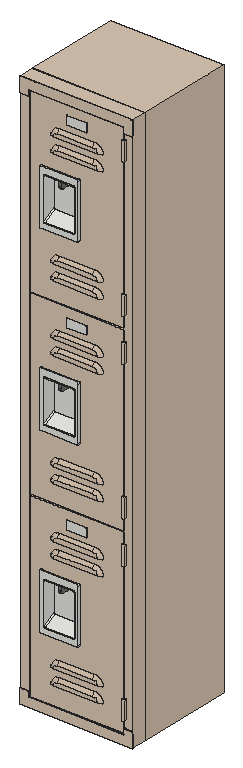
Revit family "Locker_SalsburyInd_Metal-3-Tier-Single", category Specialty Equipment, Revit 2026
Family settings
  Round Connector Dimension = Use Diameter
  Part Type = Normal
  Classification Number = 23.40.00.00
  Work Plane-Based = No
  Enable Cutting in Views = No
  Always vertical = Yes
  Cut with Voids When Loaded = No
  Maintain Annotation Orientation = No
  Shared = No
  Room Calculation Point = No
Parameters
  Warranty Duration (Years) = 0
  Vertical Front Filler Width_Right [instance] = 15.000"
  Vertical Front Filler Width_Left [instance] = 15.000"
  Vertical Filler_Right [instance] = ML_Front Filler : None
  Vertical Filler_Left [instance] = ML_Front Filler : None
  Unit Width = 12.000"
  Unit Height = 60.000"
  Unit Depth = 12.000"
  URL = "www.lockers.com"
  Type Comments = "Specify Assembled or Disassembled"
  Specification = ""
  SpecWizard = ""
  Sales Information = "http://www.lockers.com/service/contact/"
  Revision = "R1_2017-09"
  Product Properties = "http://www.lockers.com/shop-by-department/metal-lockers/standard-12-w/"
  Product Data = "http://www.arcat.com/arcatcos/cos35/arc35330.html"
  Overall Height [instance] = Unit Height + Base Height + Sloping Hood Height  # 60.000"
  Manufacturer Website = "http://www.lockers.com/"
  Manufacturer Phone - Toll Free = "800-562-5377"
  Manufacturer Phone = "323-846-6700"
  Manufacturer Fax = "323-846-6800"
  Manufacturer Address = "1010 E. 62nd St.  Los Angeles, CA 90001-1598"
  Maintenance Schedule (Months) = 0
  Lock Type [instance] = "[Built-in Combination][Padlock][Built-in Resettable Combination]"
  Keynote = "10 50 00"
  Installation Phase = ""
  Hasp Plate Material [instance] = Finish - Salsbury - Polished Steel
  Hasp Handle Material [instance] = Finish - Salsbury - Black
  Green Building-LEED = ""
  Expected Lifespan (Years) = 0
  End Panel_Right [instance] = ML_End Panel : None
  End Panel_Left [instance] = ML_End Panel : None
  Drawn By = "Sumex Design, Inc. / Robert S. Weygant, CSI, CDT, SCIP"
  Door Width = Unit Width - (1.063" * 2)  # 9.874"
  Door Height = Unit Height - (1.094" * 2)  # 57.812"
  Top Filler_Right [instance] = ML_Top Filler : None
  Top Filler_Left [instance] = ML_Top Filler : None
  Sloping Hood Height [instance] = if(not(Sloped Hood), 0.000", if(Unit Depth = 12.000", 6.625", if(Unit Depth = 15.000", 8.682", if(Unit Depth = 18.000", 10.739", 0.000"))))  # 0.000"
  Sloped Hood [instance] = no
  Model = "as Specified"
  Manufacturer = "Salsbury Industries"
  Fixture Finish [instance] = Finish - Salsbury - Tan
  Door C Label [instance] = "Number / Name as Specified"
  Door B Label [instance] = "Number / Name as Specified"
  Door A Label [instance] = "Number / Name as Specified"
  Description = "Salsbury Locker as Specified"
  Default Elevation = 0.000"
  Copyright = "©Arcat Inc."
  Construction Details = "http://www.arcat.com/details/salsbury/salsbury.html?coid=35330"
  Base_Right [instance] = ML_Base Side : None
  Base_Left [instance] = ML_Base Side : None
  Base Type = ML_Base Type : No Legs
  Base Height = 0.000"
  Base Front [instance] = ML_Front Base : None
  Assembly Code = "C1030310"
Reference planes (in)
  plane 1 "Center (Front/Back)": y = 0.005
  plane 2: z = 0
  plane 3 "Center (Left/Right)": x = 0
  plane 4 "Floor": z = 0
  plane 5 "Bottom of Unit": z = 0
  plane 6 "Top of Unit": z = 60
  plane 7 "Left Side of Unit": x = -6
  plane 8 "Right Side of Unit": x = 6
  plane 9 "Back of Unit": y = 6.005
  plane 10 "Front of Unit": y = -5.995
  plane 11 "Top of Sloping Hood": z = 60
  plane 12 "Right Side of Door Opening": x = 5
  plane 13 "Left Side of Door Opening": x = -5
  plane 14 "Top of Door Opening": z = 59
  plane 15 "Bottom of Door Opening": z = 1
  plane 16 "Back Edge of Front Facing": y = -4.407
  plane 17 "Front Plate Plane": y = -6.055
  plane 18 "Corner Filler Align-Left": x = -6.06
  plane 19 "Corner Filler Align-Right": x = 6.06
  plane 20 "Left Side of Door": x = -4.93029
  plane 21 "Right Side of Door": x = 4.93026
  plane 22 "Top of Door 1": z = 58.90976
  plane 23 "Bottom of Bottom Door": z = 1.09027
  plane 24: x = -5.075
  plane 25: x = 5.075
  plane 26: z = 58.40796
  plane 27: z = 1.59204
  plane 28: z = 30
Forms (in)
  Sweep 1, solid, material "Finish - Salsbury - Tan" <- "Fixture Finish"
    path origin (0, -5.995, 0) x (1, 0, 0) y (0, 0, 1)
      loop
        line (-6, 60) -> (-6, 0) -> (6, 0) -> (6, 60) -> (-6, 60)
    profile origin (0, -5.995, 60) x (0, 0, 1) y (0, -1, 0)
      loop
        line (0, 0) -> (-1, 0) -> (-1, -1.588) -> (0, -1.588) -> (0, 0)
  Extrusion 2, solid, material "Finish - Salsbury - Tan" <- "Fixture Finish"
    sketch origin (0, -6.055, 0) x (0, 0, -1) y (1, 0, 0)
      loop
        line (-60, -6) -> (-58.47656, -6)
        arc (-58.47656, -6) -> (-58.42806, -5.97991) -> (-58.40796, -5.9314) r 0.0686
        line (-58.40796, -5.9314) -> (-58.40796, -5.14351)
        arc (-58.40796, -5.14351) -> (-58.42809, -5.09506) -> (-58.47656, -5.075) r 0.0686
        line (-58.47656, -5.075) -> (-59, -5.075) -> (-59, 5.075) -> (-58.47656, 5.075)
        arc (-58.47656, 5.075) -> (-58.42809, 5.09506) -> (-58.40796, 5.14351) r 0.0686
        line (-58.40796, 5.14351) -> (-58.40796, 5.9314)
        arc (-58.40796, 5.9314) -> (-58.42806, 5.97991) -> (-58.47656, 6) r 0.0686
        line (-58.47656, 6) -> (-60, 6) -> (-60, -6)
    from -0.06 to 0
  Extrusion 3, solid, material "Finish - Salsbury - Tan" <- "Fixture Finish"
    sketch origin (0, -6.055, 84) x (0, 0, 1) y (-1, 0, 0)
      loop
        line (-84, 6) -> (-84, -6) -> (-82.47656, -6)
        arc (-82.47656, -6) -> (-82.42806, -5.97991) -> (-82.40796, -5.9314) r 0.0686
        line (-82.40796, -5.9314) -> (-82.40796, -5.14351)
        arc (-82.40796, -5.14351) -> (-82.42809, -5.09506) -> (-82.47656, -5.075) r 0.0686
        line (-82.47656, -5.075) -> (-83, -5.075) -> (-83, 5.075) -> (-82.47656, 5.075)
        arc (-82.47656, 5.075) -> (-82.42809, 5.09506) -> (-82.40796, 5.14351) r 0.0686
        line (-82.40796, 5.14351) -> (-82.40796, 5.9314)
        arc (-82.40796, 5.9314) -> (-82.42806, 5.97991) -> (-82.47656, 6) r 0.0686
        line (-82.47656, 6) -> (-84, 6)
    from -0.06 to 0
  Extrusion 4, solid, material "Finish - Salsbury - Tan" <- "Fixture Finish"
    sketch origin (6, 0, 0) x (0, 0, -1) y (0, -1, 0)
      loop
        line (-59.94, 4.407) -> (-59.94, 6.055) -> (-60, 6.055) -> (-60, -6.005) -> (0, -6.005) -> (0, 4.407) -> (-59.94, 4.407)
    from 0 to 12
  Extrusion 5, void
    sketch origin (6, 0, 0) x (0, 0, -1) y (0, -1, 0)
      loop
        line (-60, 6.055) -> (-60, 4.407) -> (-59.94, 4.407) -> (-59.94, 6.055) -> (-60, 6.055)
    from 0 to 12
Cuts and joins
  Extrusion 5 cuts Extrusion 4
Dimensions and locks (in)
  equal spacing: plane 7 "Left Side of Unit", plane 3 "Center (Left/Right)", plane 8 "Right Side of Unit"
  "Unit Width": plane 7 "Left Side of Unit" to plane 8 "Right Side of Unit"
  "Base Height": plane 5 "Bottom of Unit" to plane 4 "Floor"
  "Unit Height": plane 6 "Top of Unit" to plane 5 "Bottom of Unit"
  equal spacing: plane 10 "Front of Unit", plane 1 "Center (Front/Back)", plane 9 "Back of Unit"
  "Unit Depth": plane 10 "Front of Unit" to plane 9 "Back of Unit"
  "Sloping Hood Height": plane 11 "Top of Sloping Hood" to plane 6 "Top of Unit"
  plane 6 "Top of Unit" to plane 14 "Top of Door Opening" to plane 22 "Top of Door 1" to plane 26 = 1.000" locked, 0.09024" locked, 0.5018" locked
  plane 27 to plane 23 "Bottom of Bottom Door" to plane 15 "Bottom of Door Opening" to plane 5 "Bottom of Unit" = 0.50177" locked, 0.09027" locked, 1.000" locked
  plane 7 "Left Side of Unit" to plane 13 "Left Side of Door Opening" to plane 20 "Left Side of Door" = 1.000" locked, 0.06971"
  plane 21 "Right Side of Door" to plane 12 "Right Side of Door Opening" to plane 8 "Right Side of Unit" = 0.06974", 1.000" locked
  plane 17 "Front Plate Plane" to plane 10 "Front of Unit" to plane 16 "Back Edge of Front Facing" = 0.060" locked, 1.588" locked
  locked: plane 8 "Right Side of Unit" to plane 19 "Corner Filler Align-Right" at 0.06
  locked: plane 18 "Corner Filler Align-Left" to plane 7 "Left Side of Unit" at 0.06
  plane 20 "Left Side of Door" to plane 21 "Right Side of Door" = 9.86055"
  locked: plane 7 "Left Side of Unit" to plane 24 at 0.925
  locked: plane 25 to plane 8 "Right Side of Unit" at 0.925
  locked: Extrusion 4 sketch curve to plane 6 "Top of Unit" at 0.06
  locked: Extrusion 5 sketch curve to plane 6 "Top of Unit" at 0.06
  equal spacing: plane 6 "Top of Unit", plane 28, plane 5 "Bottom of Unit"
  aligned and locked: level to plane 2
  aligned and locked: Extrusion 2 to plane 10 "Front of Unit"
  aligned and locked: Extrusion 3 to plane 10 "Front of Unit"
  aligned and locked: plane 4 "Floor" to nested 1
  aligned and locked: plane 5 "Bottom of Unit" to Extrusion 3
  aligned and locked: plane 10 "Front of Unit" to nested 2
  aligned and locked: nested 5 to plane 10 "Front of Unit"
  aligned and locked: plane 10 "Front of Unit" to nested 6
  aligned and locked: plane 10 "Front of Unit" to nested 4
  aligned and locked: plane 10 "Front of Unit" to nested 8
  aligned and locked: plane 10 "Front of Unit" to nested 1
  aligned and locked: plane 6 "Top of Unit" to Sweep 1 sketch curve  (x2)
  aligned and locked: Sweep 1 sketch curve to plane 7 "Left Side of Unit"
  aligned and locked: plane 8 "Right Side of Unit" to Sweep 1 sketch curve
  aligned and locked: Sweep 1 sketch curve to plane 5 "Bottom of Unit"
  aligned and locked: plane 10 "Front of Unit" to Sweep 1
  aligned and locked: Extrusion 2 to plane 17 "Front Plate Plane"
  aligned and locked: plane 10 "Front of Unit" to Extrusion 2
  aligned and locked: Extrusion 2 to plane 8 "Right Side of Unit"
  aligned and locked: plane 7 "Left Side of Unit" to Extrusion 2
  aligned and locked: plane 7 "Left Side of Unit" to Extrusion 3
  aligned and locked: plane 17 "Front Plate Plane" to Extrusion 3
  aligned and locked: Extrusion 3 to plane 8 "Right Side of Unit"
  aligned and locked: plane 24 to Extrusion 3
  aligned and locked: plane 25 to Extrusion 3
  aligned and locked: plane 25 to Extrusion 2
  aligned and locked: Extrusion 2 to plane 24
  aligned and locked: plane 16 "Back Edge of Front Facing" to Sweep 1 sketch curve
  aligned and locked: Sweep 1 sketch curve to plane 14 "Top of Door Opening"
  aligned and locked: Sweep 1 sketch curve to plane 10 "Front of Unit"
  aligned and locked: plane 26 to Extrusion 2  (x2)
  aligned and locked: Extrusion 2 to plane 6 "Top of Unit"
  aligned and locked: plane 14 "Top of Door Opening" to Extrusion 2
  aligned and locked: Extrusion 3 to plane 15 "Bottom of Door Opening"
  aligned and locked: plane 27 to Extrusion 3
  aligned and locked: Extrusion 3 to plane 27
  aligned and locked: plane 8 "Right Side of Unit" to nested 6
  aligned and locked: nested 7 to plane 7 "Left Side of Unit"
  aligned and locked: plane 10 "Front of Unit" to nested 7
  aligned and locked: plane 11 "Top of Sloping Hood" to Extrusion 4 sketch curve
  aligned and locked: Extrusion 4 to plane 8 "Right Side of Unit"
  aligned and locked: plane 7 "Left Side of Unit" to Extrusion 4
  aligned and locked: plane 17 "Front Plate Plane" to Extrusion 4 sketch curve
  aligned and locked: Extrusion 5 sketch curve to plane 16 "Back Edge of Front Facing"
  aligned and locked: Extrusion 5 sketch curve to plane 6 "Top of Unit"
  aligned and locked: plane 17 "Front Plate Plane" to Extrusion 5 sketch curve
  aligned and locked: plane 7 "Left Side of Unit" to Extrusion 5
  aligned and locked: Extrusion 5 to plane 8 "Right Side of Unit"
  aligned and locked: plane 5 "Bottom of Unit" to nested 4
  aligned and locked: nested 5 to plane 5 "Bottom of Unit"
  aligned and locked: plane 1 "Center (Front/Back)" to nested 3
  aligned and locked: plane 8 "Right Side of Unit" to nested 3
  aligned and locked: plane 7 "Left Side of Unit" to nested 9
  aligned and locked: nested 9 to plane 1 "Center (Front/Back)"
  aligned and locked: plane 3 "Center (Left/Right)" to nested 2
  aligned and locked: plane 3 "Center (Left/Right)" to nested 1
  aligned and locked: plane 8 "Right Side of Unit" to nested 4
  aligned and locked: plane 7 "Left Side of Unit" to nested 5
  aligned and locked: plane 1 "Center (Front/Back)" to nested 10
  aligned and locked: nested 10 to plane 19 "Corner Filler Align-Right"
  aligned and locked: nested 11 to plane 1 "Center (Front/Back)"
  aligned and locked: plane 18 "Corner Filler Align-Left" to nested 11
  aligned and locked: plane 3 "Center (Left/Right)" to nested 8
  aligned and locked: plane 5 "Bottom of Unit" to Extrusion 4 sketch curve
  aligned and locked: plane 6 "Top of Unit" to Extrusion 4 sketch curve
  aligned and locked: plane 10 "Front of Unit" to nested 12
  aligned and locked: plane 3 "Center (Left/Right)" to nested 12
  aligned and locked: nested 12 to plane 22 "Top of Door 1"
  aligned and locked: plane 23 "Bottom of Bottom Door" to nested 8
  aligned and locked: nested 13 to plane 28
  aligned and locked: plane 10 "Front of Unit" to nested 13
  aligned and locked: plane 3 "Center (Left/Right)" to nested 13
Automatic sketch dimensions
  Extrusion 2 sketch curve to plane 6 "Top of Unit" = 0.000"
  plane 14 "Top of Door Opening" to Extrusion 2 sketch curve = 0.000"
  plane 7 "Left Side of Unit" to Extrusion 2 sketch curve = 0.000"
  Extrusion 2 sketch curve to plane 8 "Right Side of Unit" = 0.000"
  Extrusion 2 sketch curve to plane 7 "Left Side of Unit" = 0.0686"
  Extrusion 2 sketch curve to Extrusion 2 sketch curve = 0.0686"
  plane 13 "Left Side of Door Opening" to Extrusion 2 sketch curve = 0.1436"
  Extrusion 2 sketch curve to Extrusion 2 sketch curve = 0.00009"
  Extrusion 2 sketch curve to plane 12 "Right Side of Door Opening" = 0.075"
  Extrusion 2 sketch curve to Extrusion 2 sketch curve = 0.06851"
  Extrusion 3 sketch curve to plane 5 "Bottom of Unit" = 0.000"
  plane 15 "Bottom of Door Opening" to Extrusion 3 sketch curve = 0.000"
  Extrusion 3 sketch curve to plane 7 "Left Side of Unit" = 0.000"
  plane 8 "Right Side of Unit" to Extrusion 3 sketch curve = 0.000"
  Extrusion 3 sketch curve to Extrusion 3 sketch curve = 0.0686"  (x2)
  Extrusion 3 sketch curve to plane 13 "Left Side of Door Opening" = 0.1436"
  Extrusion 3 sketch curve to Extrusion 3 sketch curve = 0.00009"
  plane 12 "Right Side of Door Opening" to Extrusion 3 sketch curve = 0.075"
  Extrusion 3 sketch curve to Extrusion 3 sketch curve = 0.06851"
  plane 24 to Extrusion 2 sketch curve = 0.000"
  Extrusion 2 sketch curve to plane 26 = 0.000"  (x2)
  Extrusion 2 sketch curve to plane 26 = 0.0686"
  plane 24 to Extrusion 3 sketch curve = 0.000"
  Extrusion 3 sketch curve to plane 27 = 0.000"  (x2)
  Extrusion 3 sketch curve to plane 27 = 0.0686"
  Extrusion 4 sketch curve to plane 9 "Back of Unit" = 0.000"
  Extrusion 4 sketch curve to plane 16 "Back Edge of Front Facing" = 0.000"
Nested families (in)
  nested 1: "ML_Front Base" at (0, 0.01, 0), type <- "Base Front", Finish <- "Fixture Finish", Locker Width <- "Unit Width", type "None"
    with Width 10.000", Locker Width 12.000", Finish Finish - Salsbury - Tan
  nested 2: "ML_Base Type" at (0, 0.005, 0), type <- "Base Type", Finish <- "Fixture Finish", Depth <- "Unit Depth", Width <- "Unit Width", type "No Legs"
    with Width 12.000", Finish Finish - Salsbury - Tan, Depth 12.000"
  nested 3: "ML_Base Side" at (0.01, 0.005, 0), type <- "Base_Right", Locker Depth <- "Unit Depth", Finish <- "Fixture Finish", type "None"
    with Locker Depth 12.000", Finish Finish - Salsbury - Tan
  nested 4: "ML_End Panel" at (10.1325, 2.172, 0), type <- "End Panel_Right", Height <- "Unit Height", Depth <- "Unit Depth", Finish <- "Fixture Finish", type "None"
    with controldepth 12.000", Height 60.000", Finish Finish - Salsbury - Tan, Depth 12.000", Base Height 0.000"
  nested 5: "ML_End Panel" at (-10.1325, 2.172, 0) x (-1, 0, 0) z (0, 0, 1), type <- "End Panel_Left", Height <- "Unit Height", Depth <- "Unit Depth", Finish <- "Fixture Finish", type "None"
    with controldepth 12.000", Height 60.000", Finish Finish - Salsbury - Tan, Depth 12.000", Base Height 0.000"
  nested 6: "ML_Front Filler" at (18.095, -3.078, 0), type <- "Vertical Filler_Right", Base Height <- "Base Height", Height <- "Unit Height", Width <- "Vertical Front Filler Width_Right", Finish <- "Fixture Finish", type "None"
    with Width 15.000", Height 60.000", Finish Finish - Salsbury - Tan, Base Height 0.000"
  nested 7: "ML_Front Filler" at (-8.905, -3.078, 0), type <- "Vertical Filler_Left", Base Height <- "Base Height", Height <- "Unit Height", Width <- "Vertical Front Filler Width_Left", Finish <- "Fixture Finish", type "None"
    with Width 15.000", Height 60.000", Finish Finish - Salsbury - Tan, Base Height 0.000"
  nested 8: "Metal Locker Doors_ThreeTier" at (0, -5.545, 1.09027), Hasp Handle Material <- "Hasp Handle Material", Hasp Plate Rivet Material <- "Hasp Plate Material", Primary Structure Material <- "Fixture Finish", Width <- "Door Width", Height <- "Unit Height", type "as Specified"
    with Width 9.874", Primary Structure Material Finish - Salsbury - Tan, Other Louvers no, Louver Width 5.55412", Height 60.000", Hasp Plate Rivet Material Finish - Salsbury - Polished Steel, Hasp Handle Material Finish - Salsbury - Black, Door Height 19.18733"
  nested 9: "ML_Base Side" at (-0.01, 0.005, 0) x (-1, 0, 0) z (0, 0, 1), type <- "Base_Left", Locker Depth <- "Unit Depth", Finish <- "Fixture Finish", type "None"
    with Locker Depth 12.000", Finish Finish - Salsbury - Tan
  nested 10: "ML_Top Filler" at (10.655, 2.172, 60), Finish <- "Fixture Finish", type <- "Top Filler_Right", Width <- "Vertical Front Filler Width_Right", Depth <- "Unit Depth", type "None"
    with Width 15.000", Sloped Height 6.625", Finish Finish - Salsbury - Tan, Depth 12.000", Corner Width 12.625"
  nested 11: "ML_Top Filler" at (-10.655, 2.172, 60) x (-1, 0, 0) z (0, 0, 1), Finish <- "Fixture Finish", type <- "Top Filler_Left", Width <- "Vertical Front Filler Width_Left", Depth <- "Unit Depth", type "None"
    with Width 15.000", Sloped Height 6.625", Finish Finish - Salsbury - Tan, Depth 12.000", Corner Width 12.625"
  nested 12: "Metal Locker Doors_ThreeTier" at (0, -5.545, 39.72243), Hasp Handle Material <- "Hasp Handle Material", Hasp Plate Rivet Material <- "Hasp Plate Material", Primary Structure Material <- "Fixture Finish", Width <- "Door Width", Height <- "Unit Height", type "as Specified"
    with Width 9.874", Primary Structure Material Finish - Salsbury - Tan, Other Louvers no, Louver Width 5.55412", Height 60.000", Hasp Plate Rivet Material Finish - Salsbury - Polished Steel, Hasp Handle Material Finish - Salsbury - Black, Door Height 19.18733"
  nested 13: "Metal Locker Doors_ThreeTier" at (0, -5.545, 20.40633), Hasp Handle Material <- "Hasp Handle Material", Hasp Plate Rivet Material <- "Hasp Plate Material", Primary Structure Material <- "Fixture Finish", Width <- "Door Width", Height <- "Unit Height", type "as Specified"
    with Width 9.874", Primary Structure Material Finish - Salsbury - Tan, Other Louvers no, Louver Width 5.55412", Height 60.000", Hasp Plate Rivet Material Finish - Salsbury - Polished Steel, Hasp Handle Material Finish - Salsbury - Black, Door Height 19.18733"
Definition of nested family "Metal Locker Doors_ThreeTier"
  Parameters (values of type "as Specified")
    Width [instance] = 9.938"
    Visible Top Louvers 3 and 4 = yes
    Visible Top Louver 2 = yes
    Visible Hinge 3 = yes
    Visible Bottom Louvers 1 and 2 = yes
    Visible Bottom Louver 3 = yes
    Top Louver Set Vertical Alignment = 2.500"
    Primary Structure Material [instance] = none
    Other Louvers [instance] = Height = 72.000"  # no
    Number Plate Alignment = 0.9375"
    Louver Width [instance] = Width * 9 / 16  # 5.59013"
    Hinge 3 Placement = 54.500"
    Hinge 2 Placement = 27.875"
    Hinge 1 Placement = 1.125"
    Height [instance] = 60.000"
    Hasp Plate Rivet Material [instance] = none
    Hasp Height = 5.960"
    Hasp Handle Material [instance] = none
    Door Height [instance] = (Height - (1.094" * 2) - 0.250") / 3  # 19.18733"
    Depth = 0.900"
    Default Elevation = 48.000"
    Bottom Louver Set Vertical Alignment = 2.000"
  Reference planes (in)
    plane 1 "Center (Front/Back)": y = 0
    plane 2 "Bottom of Door": z = 0
    plane 3 "Center (Left/Right)": x = 0
    plane 4 "Center (Top/Bottom)": z = 9.59367
    plane 5 "Top of Door": z = 19.18733
    plane 6 "Right Side of Door": x = 4.969
    plane 7 "Left Side of Door": x = -4.969
    plane 8 "Front of Door": y = -0.45
    plane 9 "Back of Door": y = 0.45
    plane 10 "Top of Number Plate": z = 18.24983
    plane 11 "Top of Top Vent 1": z = 16.68733
    plane 12 "Top of Top Vent 2": z = 15.06233
    plane 13 "Top of Top Vent 3": z = 13.43733
    plane 14 "Top of Top Vent 4": z = 11.81233
    plane 15 "Bottom of Bottom Vent 1": z = 6.875
    plane 16 "Bottom of Bottom Vent 2": z = 5.25
    plane 17 "Bottom of Bottom Vent 3": z = 3.625
    plane 18 "Bottom of Bottom Vent 4": z = 2
    plane 19 "Top of Hasp Alignment": z = 12.57367
    plane 20 "Left Side of Hasp Alignment": x = -3.844
    plane 21 "Bottom of Hasp Alignment": z = 6.61367
    plane 22 "Right Side of Hasp Alignment": x = 0.256
    plane 23 "Left Side of Louvers": x = -2.79506
    plane 24 "Right Side of Louvers": x = 2.79506
    plane 25 "Front of Louvers": y = -0.6375
    plane 26: x = -1.094
    plane 27: x = 1.094
    plane 28: z = 17.24983
    plane 29 "Center Hasp": x = -1.794
    plane 30 "Top of Hinge 3": z = 3.312
    plane 31 "Top of Hinge 2": z = 10.62467
    plane 32 "Top of Hinge 1": z = 18.06233
  Forms (in)
    Extrusion 1, solid, material <- "Primary Structure Material"
      sketch origin (0, 0, 0) x (1, 0, 0) y (0, 0, 1)
        loop
          line (-4.969, 19.18733) -> (-4.969, 0) -> (4.969, 0) -> (4.969, 19.18733) -> (-4.969, 19.18733)
      from -0.45 to 0.45
    Blend 2, solid, material <- "Primary Structure Material"
      base sketch origin (0, -0.45, 0) x (1, 0, 0) y (0, 0, 1)
        loop
          line (-2.79506, 15.78577) -> (2.79506, 15.78577)
          arc (2.79506, 15.78577) -> (2.531, 16.42327) -> (1.8935, 16.68733) r 0.90156
          line (1.8935, 16.68733) -> (-1.8935, 16.68733)
          arc (-1.8935, 16.68733) -> (-2.531, 16.42327) -> (-2.79506, 15.78577) r 0.90156
      top sketch origin (0, -0.6375, 0) x (1, 0, 0) y (0, 0, 1)
        loop
          line (-2.36248, 15.78577) -> (2.36248, 15.78577)
          arc (2.36248, 15.78577) -> (2.22656, 16.11391) -> (1.89842, 16.24983) r 0.46406
          line (1.89842, 16.24983) -> (-1.89842, 16.24983)
          arc (-1.89842, 16.24983) -> (-2.22656, 16.11391) -> (-2.36248, 15.78577) r 0.46406
      from 0 to 0
    Blend 3, solid, material <- "Primary Structure Material"
      base sketch origin (0, -0.45, -1.625) x (1, 0, 0) y (0, 0, 1)
        loop
          line (-2.79506, 15.78577) -> (2.79506, 15.78577)
          arc (2.79506, 15.78577) -> (2.531, 16.42327) -> (1.8935, 16.68733) r 0.90156
          line (1.8935, 16.68733) -> (-1.8935, 16.68733)
          arc (-1.8935, 16.68733) -> (-2.531, 16.42327) -> (-2.79506, 15.78577) r 0.90156
      top sketch origin (0, -0.6375, -1.625) x (1, 0, 0) y (0, 0, 1)
        loop
          line (-2.36248, 15.78577) -> (2.36248, 15.78577)
          arc (2.36248, 15.78577) -> (2.22656, 16.11391) -> (1.89842, 16.24983) r 0.46406
          line (1.89842, 16.24983) -> (-1.89842, 16.24983)
          arc (-1.89842, 16.24983) -> (-2.22656, 16.11391) -> (-2.36248, 15.78577) r 0.46406
      from 0 to 0
    Blend 4, solid, material <- "Primary Structure Material"
      base sketch origin (0, -0.45, -61.068) x (1, 0, 0) y (0, 0, 1)
        loop
          line (-2.79506, 64.693) -> (2.79506, 64.693)
          arc (2.79506, 64.693) -> (2.531, 65.3305) -> (1.8935, 65.59456) r 0.90156
          line (1.8935, 65.59456) -> (-1.8935, 65.59456)
          arc (-1.8935, 65.59456) -> (-2.531, 65.3305) -> (-2.79506, 64.693) r 0.90156
      top sketch origin (0, -0.6375, -61.068) x (1, 0, 0) y (0, 0, 1)
        loop
          line (-2.36248, 64.693) -> (2.36248, 64.693)
          arc (2.36248, 64.693) -> (2.22656, 65.02114) -> (1.89842, 65.15706) r 0.46406
          line (1.89842, 65.15706) -> (-1.89842, 65.15706)
          arc (-1.89842, 65.15706) -> (-2.22656, 65.02114) -> (-2.36248, 64.693) r 0.46406
      from 0 to 0
    Blend 5, solid, material <- "Primary Structure Material"
      base sketch origin (0, -0.45, -62.693) x (1, 0, 0) y (0, 0, 1)
        loop
          line (-2.79506, 64.693) -> (2.79506, 64.693)
          arc (2.79506, 64.693) -> (2.531, 65.3305) -> (1.8935, 65.59456) r 0.90156
          line (1.8935, 65.59456) -> (-1.8935, 65.59456)
          arc (-1.8935, 65.59456) -> (-2.531, 65.3305) -> (-2.79506, 64.693) r 0.90156
      top sketch origin (0, -0.6375, -62.693) x (1, 0, 0) y (0, 0, 1)
        loop
          line (-2.36248, 64.693) -> (2.36248, 64.693)
          arc (2.36248, 64.693) -> (2.22656, 65.02114) -> (1.89842, 65.15706) r 0.46406
          line (1.89842, 65.15706) -> (-1.89842, 65.15706)
          arc (-1.89842, 65.15706) -> (-2.22656, 65.02114) -> (-2.36248, 64.693) r 0.46406
      from 0 to 0
    Extrusion 6, solid, material <- "Hasp Plate Rivet Material"
      sketch origin (0, -0.45, 0) x (1, 0, 0) y (0, 0, 1)
        loop
          arc (-1.06847, 18.21428) -> (-1.09512, 17.75154) -> (-1.06847, 17.28881) r 4.03112
          arc (-1.06847, 17.28881) -> (0, 17.25006) -> (1.06847, 17.28881) r 14.75
          arc (1.06847, 17.28881) -> (1.09512, 17.75154) -> (1.06847, 18.21428) r 4.03112
          arc (1.06847, 18.21428) -> (0, 18.25454) -> (-1.06847, 18.21428) r 14.19974
      from 0 to 0.03497
    Extrusion 7, solid, material <- "Hasp Plate Rivet Material"
      sketch origin (0, -0.45, 0) x (1, 0, 0) y (0, 0, 1)
        loop
          arc (-3.74618, 12.57367) -> (-3.81535, 12.54501) -> (-3.844, 12.47584) r 0.09782
          line (-3.844, 12.47584) -> (-3.844, 6.71068)
          arc (-3.844, 6.71068) -> (-3.81559, 6.64208) -> (-3.74699, 6.61367) r 0.09701
          line (-3.74699, 6.61367) -> (0.1498, 6.61367)
          arc (0.1498, 6.61367) -> (0.2249, 6.64477) -> (0.256, 6.71986) r 0.1062
          line (0.256, 6.71986) -> (0.256, 12.46912)
          arc (0.256, 12.46912) -> (0.22538, 12.54305) -> (0.15146, 12.57367) r 0.10454
          line (0.15146, 12.57367) -> (-3.74618, 12.57367)
      from 0 to 0.1875
    Extrusion 8, void
      sketch origin (0, 0.45, 0) x (1, 0, 0) y (0, 0, 1)
        loop
          line (-0.23842, 11.82367) -> (-3.33108, 11.82367)
          arc (-3.33108, 11.82367) -> (-3.4286, 11.78327) -> (-3.469, 11.68575) r 0.13792
          line (-3.469, 11.68575) -> (-3.469, 7.37659)
          arc (-3.469, 7.37659) -> (-3.4286, 7.27906) -> (-3.33108, 7.23867) r 0.13792
          line (-3.33108, 7.23867) -> (-0.23842, 7.23867)
          arc (-0.23842, 7.23867) -> (-0.15398, 7.27364) -> (-0.119, 7.35809) r 0.11942
          line (-0.119, 7.35809) -> (-0.119, 11.70425)
          arc (-0.119, 11.70425) -> (-0.15398, 11.78869) -> (-0.23842, 11.82367) r 0.11942
      from 0 to 1.0875
    Blend 9, solid, material <- "Hasp Plate Rivet Material"
      base sketch origin (5.54622, -0.6375, 48) x (1, 0, 0) y (0, 0, 1)
        loop
          line (-5.80314, -36.17633) -> (-8.8773, -36.17633)
          arc (-8.8773, -36.17633) -> (-8.97483, -36.21673) -> (-9.01522, -36.31425) r 0.13792
          line (-9.01522, -36.31425) -> (-9.01522, -39.93591)
          arc (-9.01522, -39.93591) -> (-8.97483, -40.03344) -> (-8.8773, -40.07383) r 0.13792
          line (-8.8773, -40.07383) -> (-5.80314, -40.07383)
          arc (-5.80314, -40.07383) -> (-5.70562, -40.03344) -> (-5.66522, -39.93591) r 0.13792
          line (-5.66522, -39.93591) -> (-5.66522, -36.31425)
          arc (-5.66522, -36.31425) -> (-5.70562, -36.21673) -> (-5.80314, -36.17633) r 0.13792
      top sketch origin (5.54622, -0.6375, 48) x (1, 0, 0) y (0, 0, 1)
        loop
          line (-5.80314, -36.17633) -> (-8.8773, -36.17633)
          arc (-8.8773, -36.17633) -> (-8.97483, -36.21673) -> (-9.01522, -36.31425) r 0.13792
          line (-9.01522, -36.31425) -> (-9.01522, -40.62341)
          arc (-9.01522, -40.62341) -> (-8.97483, -40.72094) -> (-8.8773, -40.76133) r 0.13792
          line (-8.8773, -40.76133) -> (-5.80314, -40.76133)
          arc (-5.80314, -40.76133) -> (-5.70562, -40.72094) -> (-5.66522, -40.62341) r 0.13792
          line (-5.66522, -40.62341) -> (-5.66522, -36.31425)
          arc (-5.66522, -36.31425) -> (-5.70562, -36.21673) -> (-5.80314, -36.17633) r 0.13792
      from -1.38343 to 0
    Blend 10, void
      base sketch origin (5.54622, -0.6375, 48) x (-1, 0, 0) y (0, 0, 1)
        loop
          arc (5.86564, -36.23883) -> (5.76812, -36.27923) -> (5.72772, -36.37675) r 0.13792
          line (5.72772, -36.37675) -> (5.72772, -39.87341)
          arc (5.72772, -39.87341) -> (5.76812, -39.97094) -> (5.86564, -40.01133) r 0.13792
          line (5.86564, -40.01133) -> (8.8148, -40.01133)
          arc (8.8148, -40.01133) -> (8.91233, -39.97094) -> (8.95272, -39.87341) r 0.13792
          line (8.95272, -39.87341) -> (8.95272, -36.37675)
          arc (8.95272, -36.37675) -> (8.91233, -36.27923) -> (8.8148, -36.23883) r 0.13792
          line (8.8148, -36.23883) -> (5.86564, -36.23883)
      top sketch origin (5.54622, -0.6375, 48) x (1, 0, 0) y (0, 0, 1)
        loop
          line (-5.81877, -36.2154) -> (-8.86168, -36.2154)
          arc (-8.86168, -36.2154) -> (-8.9592, -36.25579) -> (-8.9996, -36.35332) r 0.13792
          line (-8.9996, -36.35332) -> (-8.9996, -40.60779)
          arc (-8.9996, -40.60779) -> (-8.9592, -40.70531) -> (-8.86168, -40.74571) r 0.13792
          line (-8.86168, -40.74571) -> (-5.81877, -40.74571)
          arc (-5.81877, -40.74571) -> (-5.72124, -40.70531) -> (-5.68085, -40.60779) r 0.13792
          line (-5.68085, -40.60779) -> (-5.68085, -36.35332)
          arc (-5.68085, -36.35332) -> (-5.72124, -36.25579) -> (-5.81877, -36.2154) r 0.13792
      from 1.32053 to 0
    Extrusion 11, solid, material <- "Hasp Handle Material"
      sketch origin (-1.794, 0, 0.00013) x (0, 0, -1) y (0, -1, 0)
        loop
          line (-11.80791, 0.45) -> (-11.80791, -0.51) -> (-11.12603, -0.51)
          arc (-11.12603, -0.51) -> (-10.99904, -0.45412) -> (-10.95444, -0.32274) r 0.17225
          arc (-10.95444, -0.32274) -> (-11.00369, -0.03) -> (-10.95444, 0.26274) r 0.89468
          arc (-10.95444, 0.26274) -> (-10.99904, 0.39412) -> (-11.12603, 0.45) r 0.17225
          line (-11.12603, 0.45) -> (-11.80791, 0.45)
      from -0.163 to 0.163
    Extrusion 12, void
      sketch origin (-1.794, -0.13281, 0.04687) x (0, 0, -1) y (0, -1, 0)
        loop
          circle (-11.42744, -0.16411) r 0.2
      from -0.163 to 0.163
    Extrusion 13, solid, material <- "Primary Structure Material", detail levels medium+fine
      sketch origin (0, 0, 18.06233) x (0, -1, 0) y (1, 0, 0)
        loop
          line (0.45, 4.969) -> (0.575, 4.969)
          arc (0.575, 4.969) -> (0.7, 5.094) -> (0.575, 5.219) r 0.125
          line (0.575, 5.219) -> (0.45, 5.219) -> (0.45, 4.969)
      from 0 to -2
    Extrusion 14, solid, material <- "Primary Structure Material", visible <- "Visible Hinge 3", detail levels medium+fine
      sketch origin (0, 0, 3.312) x (0, -1, 0) y (1, 0, 0)
        loop
          line (0.45, 4.969) -> (0.575, 4.969)
          arc (0.575, 4.969) -> (0.7, 5.094) -> (0.575, 5.219) r 0.125
          line (0.575, 5.219) -> (0.45, 5.219) -> (0.45, 4.969)
      from 0 to -2
  Cuts and joins
    Extrusion 8, Extrusion 12 cuts Extrusion 1
    Extrusion 8 cuts Extrusion 7
    Extrusion 12 cuts Extrusion 11
    Blend 10 cuts Blend 9
  Dimensions and locks (in)
    equal spacing: plane 5 "Top of Door", plane 4 "Center (Top/Bottom)", plane 2 "Bottom of Door"
    "Door Height": plane 5 "Top of Door" to plane 2 "Bottom of Door"
    equal spacing: plane 8 "Front of Door", plane 1 "Center (Front/Back)", plane 9 "Back of Door"
    "Depth": plane 8 "Front of Door" to plane 9 "Back of Door"
    equal spacing: plane 7 "Left Side of Door", plane 3 "Center (Left/Right)", plane 6 "Right Side of Door"
    "Width": plane 7 "Left Side of Door" to plane 6 "Right Side of Door"
    "Number Plate Alignment": plane 5 "Top of Door" to plane 10 "Top of Number Plate" to plane 28
    equal spacing: plane 23 "Left Side of Louvers", plane 3 "Center (Left/Right)", plane 24 "Right Side of Louvers"
    "Louver Width": plane 23 "Left Side of Louvers" to plane 24 "Right Side of Louvers"
    "Top Louver Set Vertical Alignment": plane 5 "Top of Door" to plane 11 "Top of Top Vent 1"
    plane 11 "Top of Top Vent 1" to plane 12 "Top of Top Vent 2" to plane 13 "Top of Top Vent 3" to plane 14 "Top of Top Vent 4" = 1.625", 1.625", 1.625"
    "Bottom Louver Set Vertical Alignment": plane 18 "Bottom of Bottom Vent 4" to plane 2 "Bottom of Door"
    plane 15 "Bottom of Bottom Vent 1" to plane 16 "Bottom of Bottom Vent 2" to plane 17 "Bottom of Bottom Vent 3" to plane 18 "Bottom of Bottom Vent 4" = 1.625", 1.625", 1.625"
    equal spacing: plane 19 "Top of Hasp Alignment", plane 4 "Center (Top/Bottom)", plane 21 "Bottom of Hasp Alignment"
    "Hasp Height": plane 19 "Top of Hasp Alignment" to plane 21 "Bottom of Hasp Alignment"
    plane 7 "Left Side of Door" to plane 20 "Left Side of Hasp Alignment" to plane 22 "Right Side of Hasp Alignment" = 1.125" locked, 4.100"
    locked: plane 25 "Front of Louvers" to plane 8 "Front of Door" at 0.1875
    plane 26 to plane 3 "Center (Left/Right)" to plane 27 = 1.094" locked, 1.094" locked
    plane 20 "Left Side of Hasp Alignment" to plane 29 "Center Hasp" to plane 22 "Right Side of Hasp Alignment" = 2.050", 2.050"
    "Hinge 1 Placement": plane 5 "Top of Door" to plane 32 "Top of Hinge 1"
    locked: plane 20 "Left Side of Hasp Alignment" to Blend 10 sketch curve at 0.4375
    locked: Blend 10 sketch curve to plane 22 "Right Side of Hasp Alignment" at 0.4375
    locked: plane 20 "Left Side of Hasp Alignment" to Blend 10 sketch curve at 0.39062
    locked: Blend 10 sketch curve to plane 22 "Right Side of Hasp Alignment" at 0.39063
    locked: plane 20 "Left Side of Hasp Alignment" to Blend 9 sketch curve at 0.375  (x2)
    locked: Blend 9 sketch curve to plane 22 "Right Side of Hasp Alignment" at 0.375  (x2)
    locked: plane 20 "Left Side of Hasp Alignment" to Extrusion 8 sketch curve at 0.375
    locked: Extrusion 8 sketch curve to plane 22 "Right Side of Hasp Alignment" at 0.375
    locked: plane 19 "Top of Hasp Alignment" to Blend 10 sketch curve at 0.8125
    locked: plane 19 "Top of Hasp Alignment" to Blend 10 sketch curve at 0.78906
    locked: plane 19 "Top of Hasp Alignment" to Extrusion 8 sketch curve at 0.75
    locked: plane 30 "Top of Hinge 3" to level at 3.312
    locked: plane 31 "Top of Hinge 2" to plane 4 "Center (Top/Bottom)" at 1.031
    locked: Blend 2 sketch curve to plane 24 "Right Side of Louvers" at 0.90156
    locked: plane 23 "Left Side of Louvers" to Blend 2 sketch curve at 0.90156
    locked: plane 23 "Left Side of Louvers" to Blend 2 sketch curve at 0.89665
    locked: Blend 2 sketch curve to plane 24 "Right Side of Louvers" at 0.89665
    locked: Blend 3 sketch curve to plane 24 "Right Side of Louvers" at 0.90156
    locked: plane 23 "Left Side of Louvers" to Blend 3 sketch curve at 0.90156
    locked: plane 23 "Left Side of Louvers" to Blend 3 sketch curve at 0.89665
    locked: Blend 3 sketch curve to plane 24 "Right Side of Louvers" at 0.89665
    locked: plane 23 "Left Side of Louvers" to Blend 4 sketch curve at 0.90156
    locked: Blend 4 sketch curve to plane 24 "Right Side of Louvers" at 0.90156
    locked: plane 23 "Left Side of Louvers" to Blend 4 sketch curve at 0.89665
    locked: Blend 4 sketch curve to plane 24 "Right Side of Louvers" at 0.89665
    locked: plane 23 "Left Side of Louvers" to Blend 5 sketch curve at 0.89665
    locked: Blend 5 sketch curve to plane 24 "Right Side of Louvers" at 0.89665
    locked: plane 23 "Left Side of Louvers" to Blend 5 sketch curve at 0.90156
    locked: Blend 5 sketch curve to plane 24 "Right Side of Louvers" at 0.90156
    aligned and locked: level to plane 2 "Bottom of Door"
    aligned and locked: plane 5 "Top of Door" to Extrusion 1 sketch curve
    aligned and locked: Extrusion 1 sketch curve to plane 7 "Left Side of Door"
    aligned and locked: plane 2 "Bottom of Door" to Extrusion 1 sketch curve
    aligned and locked: plane 6 "Right Side of Door" to Extrusion 1 sketch curve
    aligned and locked: plane 25 "Front of Louvers" to Blend 2
    aligned and locked: plane 11 "Top of Top Vent 1" to Blend 2
    aligned and locked: plane 12 "Top of Top Vent 2" to Blend 3
    aligned and locked: plane 17 "Bottom of Bottom Vent 3" to Blend 4
    aligned and locked: plane 18 "Bottom of Bottom Vent 4" to Blend 5
    aligned and locked: plane 19 "Top of Hasp Alignment" to Extrusion 7 sketch curve
    aligned and locked: plane 21 "Bottom of Hasp Alignment" to Extrusion 7 sketch curve
    aligned and locked: plane 22 "Right Side of Hasp Alignment" to Extrusion 7 sketch curve
    aligned and locked: plane 20 "Left Side of Hasp Alignment" to Extrusion 7 sketch curve
    aligned and locked: plane 25 "Front of Louvers" to Extrusion 7
    aligned and locked: plane 25 "Front of Louvers" to Extrusion 8
    aligned and locked: plane 25 "Front of Louvers" to Blend 9
    aligned and locked: plane 25 "Front of Louvers" to Blend 10
  Automatic sketch dimensions
    plane 23 "Left Side of Louvers" to Blend 2 sketch curve = 0.000"
    Blend 2 sketch curve to plane 11 "Top of Top Vent 1" = 0.000"
    plane 23 "Left Side of Louvers" to Blend 3 sketch curve = 0.000"
    Blend 3 sketch curve to plane 12 "Top of Top Vent 2" = 0.000"
    Blend 4 sketch curve to plane 17 "Bottom of Bottom Vent 3" = 0.000"  (x2)
    plane 23 "Left Side of Louvers" to Blend 4 sketch curve = 0.000"
    Blend 5 sketch curve to plane 18 "Bottom of Bottom Vent 4" = 0.000"  (x2)
    plane 23 "Left Side of Louvers" to Blend 5 sketch curve = 0.000"
    Extrusion 6 sketch curve to plane 3 "Center (Left/Right)" = 0.000"  (x2)
    plane 23 "Left Side of Louvers" to Extrusion 6 sketch curve = 0.14094"
    Extrusion 6 sketch curve to plane 24 "Right Side of Louvers" = 0.14094"
    plane 14 "Top of Top Vent 4" to Extrusion 6 sketch curve = 7.75754"
    plane 32 "Top of Hinge 1" to Extrusion 6 sketch curve = 0.31079"  (x2)
    Extrusion 6 sketch curve to plane 5 "Top of Door" = 12.81272"
    Extrusion 6 sketch curve to plane 26 = 0.02553"  (x2)
    plane 27 to Extrusion 6 sketch curve = 0.02553"
    Extrusion 6 sketch curve to plane 28 = 0.03897"
    Extrusion 11 sketch curve to plane 8 "Front of Door" = 0.000"
    plane 19 "Top of Hasp Alignment" to Extrusion 11 sketch curve = 0.76563"
    Extrusion 11 sketch curve to Extrusion 11 sketch curve = 0.68188"  (x2)
    Extrusion 11 sketch curve to plane 9 "Back of Door" = 0.060"
    Extrusion 11 sketch curve to plane 1 "Center (Front/Back)" = 0.030"
    Extrusion 11 sketch curve to plane 4 "Center (Top/Bottom)" = 0.51547"
    plane 9 "Back of Door" to Extrusion 11 sketch curve = 0.11225"
    Extrusion 11 sketch curve to Extrusion 11 sketch curve = 0.17225"
    Extrusion 11 sketch curve to Extrusion 11 sketch curve = 0.17159"
    Extrusion 12 sketch curve to plane 1 "Center (Front/Back)" = 0.0313"
    plane 19 "Top of Hasp Alignment" to Extrusion 12 sketch curve = 1.09935"
    plane 8 "Front of Door" to Extrusion 13 sketch curve = 0.000"
    Extrusion 13 sketch curve to plane 25 "Front of Louvers" = 0.0625"
    plane 6 "Right Side of Door" to Extrusion 13 sketch curve = 0.000"
    Extrusion 13 sketch curve to plane 6 "Right Side of Door" = 0.125"
    plane 8 "Front of Door" to Extrusion 14 sketch curve = 0.000"
    Extrusion 14 sketch curve to plane 25 "Front of Louvers" = 0.0625"
    plane 6 "Right Side of Door" to Extrusion 14 sketch curve = 0.000"
    Extrusion 14 sketch curve to plane 6 "Right Side of Door" = 0.125"
    Extrusion 7 sketch curve to plane 20 "Left Side of Hasp Alignment" = 0.09701"
    Extrusion 7 sketch curve to plane 20 "Left Side of Hasp Alignment" = 0.09782"
    Extrusion 7 sketch curve to plane 21 "Bottom of Hasp Alignment" = 0.1062"
    Extrusion 7 sketch curve to Extrusion 7 sketch curve = 0.10454"
    Blend 10 sketch curve to Blend 10 sketch curve = 0.13792"  (x8)
    plane 4 "Center (Top/Bottom)" to Blend 10 sketch curve = 1.46708"
    Blend 10 sketch curve to plane 21 "Bottom of Hasp Alignment" = 0.77855"
    Blend 9 sketch curve to Blend 9 sketch curve = 0.13792"  (x8)
    Blend 9 sketch curve to plane 21 "Bottom of Hasp Alignment" = 1.3125"
    plane 19 "Top of Hasp Alignment" to Blend 9 sketch curve = 0.88792"  (x2)
    Blend 9 sketch curve to plane 21 "Bottom of Hasp Alignment" = 0.625"
    Extrusion 8 sketch curve to Extrusion 8 sketch curve = 0.13792"  (x2)
    Extrusion 8 sketch curve to Extrusion 8 sketch curve = 0.11942"  (x2)
    Extrusion 8 sketch curve to plane 21 "Bottom of Hasp Alignment" = 0.625"
    Blend 2 sketch curve to plane 23 "Left Side of Louvers" = 0.43258"
    Blend 2 sketch curve to plane 12 "Top of Top Vent 2" = 0.72344"
    Blend 3 sketch curve to plane 23 "Left Side of Louvers" = 0.43258"
    Blend 3 sketch curve to plane 13 "Top of Top Vent 3" = 0.72344"
    Blend 4 sketch curve to plane 23 "Left Side of Louvers" = 0.43258"
    Blend 5 sketch curve to plane 23 "Left Side of Louvers" = 0.43258"
    radius of Extrusion 12 sketch curve = 0.200"
Definition of nested family "ML_Front Base"
  Parameters (values of type "Front Leg Cover")
    Width [instance] = Locker Width - 2.000"  # 10.000"
    Visible = yes
    Version = "1.0 (11/30/15)"
    Type Comments = "Front Base for Standard Metal Lockers"
    Model = ""
    MasterFormat Title = ""
    MasterFormat Number = ""
    Manufacturer = "Salsbury Industries"
    Locker Width [instance] = 12.000"
    Finish [instance] = none
    Description = "Front Base"
    Depth = 1.185"
    Height = 6.000"
    Default Elevation = 0.000"
    Assembly Code = ""
  Types (2): name | Visible
    None | no
    Front Leg Cover | yes
  Reference planes (in)
    plane 1 "Center (Front/Back)": y = -5.417
    plane 2: z = 0
    plane 3 "Center (Left/Right)": x = 0
    plane 4 "Floor": z = 0
    plane 5 "Top of Enclosure": z = 6
    plane 6 "Front of Enclosure": y = -6.005
    plane 7 "Right Side of Enclosure": x = 5
    plane 8 "Left Side of Enclosure": x = -5
    plane 9 "Back of Enclosure": y = -4.82
  Forms (in)
    Extrusion 1, solid, material <- "Finish", visible <- "Visible"
      sketch origin (0, -6.005, 0) x (1, 0, 0) y (0, 0, 1)
        loop
          line (-5, 6) -> (-5, 0) -> (5, 0) -> (5, 6) -> (-5, 6)
      from -1.185 to 0
  Dimensions and locks (in)
    "Height": plane 5 "Top of Enclosure" to plane 4 "Floor"
    plane 6 "Front of Enclosure" to plane 1 "Center (Front/Back)" = 0.588"
    "Depth": plane 6 "Front of Enclosure" to plane 9 "Back of Enclosure"
    equal spacing: plane 8 "Left Side of Enclosure", plane 3 "Center (Left/Right)", plane 7 "Right Side of Enclosure"
    "Width": plane 8 "Left Side of Enclosure" to plane 7 "Right Side of Enclosure"
    aligned and locked: level to plane 2
    aligned and locked: Extrusion 1 to plane 7 "Right Side of Enclosure"
  Automatic sketch dimensions
    Extrusion 1 sketch curve to Extrusion 1 sketch curve = 10.000"
    Extrusion 1 sketch curve to Extrusion 1 sketch curve = 6.000"
    Extrusion 1 sketch curve to level = 0.000"
    plane 8 "Left Side of Enclosure" to Extrusion 1 sketch curve = 0.000"
Definition of nested family "ML_Base Type"
  Parameters (values of type "No Legs")
    Zee = no
    Width [instance] = 12.000"
    Version = "1.0 (11/30/15)"
    Type Comments = "No Legs"
    Model = "n/a"
    MasterFormat Title = ""
    MasterFormat Number = ""
    Manufacturer = "Salsbury Industries"
    Legs = no
    Finish [instance] = none
    Description = ""
    Depth [instance] = 12.010"
    Default Elevation = 0.000"
    Assembly Code = ""
  Types (3): name | Zee | Width | Legs
    No Legs | no | 12.000" | no
    Legs | no | 12.040" | yes
    Zee | yes | 12.040" | no
  Reference planes (in)
    plane 1 "Center (Front/Back)": y = 0
    plane 2: z = 0
    plane 3 "Center (Left/Right)": x = 0
    plane 4 "Floor": z = 0
    plane 5 "Left Side of Unit": x = -6
    plane 6 "Right Side of Unit": x = 6
    plane 7 "Back of Unit": y = 6.005
    plane 8 "Front of Unit": y = -6.005
    plane 9 "Right Side of Door Opening": x = 5.12
    plane 10 "Left Side of Door Opening": x = -5.12
    plane 11 "Back Edge of Front Facing": y = -4.417
    plane 12 "Inside Edge of Front Leg": x = -4.56
    plane 13 "Inside Edge of Right Leg": x = 4.56
    plane 14: y = -4.82
    plane 15 "Back Edge of Rear Legs": y = 6.005
    plane 16 "Right Edge of Rear Right Leg": x = 6
    plane 17 "Left Edge or Rear Left Leg": x = -6
    plane 18: y = 5.005
    plane 19 "Inside Edge or Rear Right Leg": x = 5
    plane 20 "Inside Edge or Left Rear Leg": x = -5
  Forms (in)
    Extrusion 1, solid, material <- "Finish", visible <- "Legs"
      sketch origin (0, 0, 0) x (0, -1, 0) y (1, 0, 0)
        loop
          line (4.417, 6) -> (4.417, 5.94) -> (5.945, 5.94) -> (5.945, 5.06) -> (4.76, 5.06) -> (4.76, 4.56) -> (4.82, 4.56) -> (4.82, 5) -> (6.005, 5) -> (6.005, 6) -> (4.417, 6)
      from 0 to 6
    Extrusion 2, solid, material <- "Finish", visible <- "Legs"
      sketch origin (0, 0, 0) x (0, -1, 0) y (1, 0, 0)
        loop
          line (4.417, -6) -> (6.005, -6) -> (6.005, -5) -> (4.82, -5) -> (4.82, -4.56) -> (4.76, -4.56) -> (4.76, -5.06) -> (5.945, -5.06) -> (5.945, -5.94) -> (4.417, -5.94) -> (4.417, -6)
      from 0 to 6
    Extrusion 3, solid, material <- "Finish", visible <- "Legs"
      sketch origin (0, 0, 0) x (0, -1, 0) y (1, 0, 0)
        loop
          line (-6.005, 6) -> (-6.005, 5) -> (-5.945, 5) -> (-5.945, 5.94) -> (-5.005, 5.94) -> (-5.005, 6) -> (-6.005, 6)
      from 0.06 to 6.185
    Extrusion 4, solid, material <- "Finish", visible <- "Zee"
      sketch origin (0, 0, 0) x (0, -1, 0) y (1, 0, 0)
        loop
          line (-6.005, 6) -> (-6.005, 5) -> (-5.005, 5) -> (-5.005, 6) -> (-6.005, 6)
      from 0 to 0.06
    Extrusion 5, solid, material <- "Finish", visible <- "Legs"
      sketch origin (0, 0, 0) x (0, -1, 0) y (1, 0, 0)
        loop
          line (-6.005, -6) -> (-5.005, -6) -> (-5.005, -5.94) -> (-5.945, -5.94) -> (-5.945, -5) -> (-6.005, -5) -> (-6.005, -6)
      from 0.06 to 6.185
    Extrusion 6, solid, material <- "Finish", visible <- "Zee"
      sketch origin (0, 0, 0) x (0, -1, 0) y (1, 0, 0)
        loop
          line (-6.005, -6) -> (-5.005, -6) -> (-5.005, -5) -> (-6.005, -5) -> (-6.005, -6)
      from 0 to 0.06
    Extrusion 7, solid, material <- "Finish", visible <- "Zee"
      sketch origin (0, 0, 0) x (0, -1, 0) y (1, 0, 0)
        loop
          line (-6.005, 6) -> (-6.005, 5) -> (-5.945, 5) -> (-5.945, 5.94) -> (-5.005, 5.94) -> (-5.005, 6) -> (-6.005, 6)
      from 0.06 to 4.185
    Extrusion 8, solid, material <- "Finish", visible <- "Legs"
      sketch origin (0, 0, 0) x (0, -1, 0) y (1, 0, 0)
        loop
          line (-6.005, 6) -> (-6.005, 5) -> (-5.005, 5) -> (-5.005, 6) -> (-6.005, 6)
      from 0 to 0.06
    Extrusion 9, solid, material <- "Finish", visible <- "Zee"
      sketch origin (0, 0, 0) x (0, -1, 0) y (1, 0, 0)
        loop
          line (-6.005, -6) -> (-5.005, -6) -> (-5.005, -5.94) -> (-5.945, -5.94) -> (-5.945, -5) -> (-6.005, -5) -> (-6.005, -6)
      from 0.06 to 4.185
    Extrusion 10, solid, material <- "Finish", visible <- "Legs"
      sketch origin (0, 0, 0) x (0, -1, 0) y (1, 0, 0)
        loop
          line (-6.005, -6) -> (-5.005, -6) -> (-5.005, -5) -> (-6.005, -5) -> (-6.005, -6)
      from 0 to 0.06
    Extrusion 11, solid, material <- "Finish", visible <- "Zee"
      sketch origin (0, 0, 0) x (0, 1, 0) y (0, 0, 1)
        loop
          line (-6.005, 4) -> (-6.005, 3.94) -> (-4.417, 3.94) -> (-4.417, 0) -> (-2.769, 0) -> (-2.769, 0.06) -> (-4.357, 0.06) -> (-4.357, 4) -> (-6.005, 4)
      from -6 to 6
  Dimensions and locks (in)
    equal spacing: plane 5 "Left Side of Unit", plane 3 "Center (Left/Right)", plane 6 "Right Side of Unit"
    "Width": plane 5 "Left Side of Unit" to plane 6 "Right Side of Unit"
    equal spacing: plane 8 "Front of Unit", plane 1 "Center (Front/Back)", plane 7 "Back of Unit"
    "Depth": plane 8 "Front of Unit" to plane 7 "Back of Unit"
    plane 5 "Left Side of Unit" to plane 10 "Left Side of Door Opening" = 0.880"
    plane 9 "Right Side of Door Opening" to plane 6 "Right Side of Unit" = 0.880"
    locked: plane 8 "Front of Unit" to plane 11 "Back Edge of Front Facing" at 1.588
    plane 10 "Left Side of Door Opening" to plane 12 "Inside Edge of Front Leg" = 0.560"
    plane 13 "Inside Edge of Right Leg" to plane 9 "Right Side of Door Opening" = 0.560"
    plane 8 "Front of Unit" to plane 14 = 1.185"
    plane 13 "Inside Edge of Right Leg" to plane 19 "Inside Edge or Rear Right Leg" to plane 9 "Right Side of Door Opening" to plane 16 "Right Edge of Rear Right Leg" to plane 6 "Right Side of Unit" = 0.440", 0.120", 0.880", 0.000"
    plane 5 "Left Side of Unit" to plane 17 "Left Edge or Rear Left Leg" to plane 10 "Left Side of Door Opening" to plane 20 "Inside Edge or Left Rear Leg" to plane 12 "Inside Edge of Front Leg" = 0.000", 0.880", 0.120", 0.440"
    plane 18 to plane 15 "Back Edge of Rear Legs" to plane 7 "Back of Unit" = 1.000" locked, 0.000" locked
    aligned and locked: level to plane 2
    aligned and locked: Extrusion 3 to Extrusion 4
    aligned and locked: Extrusion 6 to Extrusion 5
    aligned and locked: Extrusion 3 to plane 16 "Right Edge of Rear Right Leg"
    aligned and locked: Extrusion 3 to plane 15 "Back Edge of Rear Legs"
    aligned and locked: Extrusion 5 to plane 17 "Left Edge or Rear Left Leg"
    aligned and locked: Extrusion 5 to plane 15 "Back Edge of Rear Legs"
    aligned and locked: Extrusion 7 to Extrusion 8
    aligned and locked: Extrusion 10 to Extrusion 9
    aligned and locked: Extrusion 11 to plane 6 "Right Side of Unit"
    aligned and locked: plane 5 "Left Side of Unit" to Extrusion 11
  Automatic sketch dimensions
    plane 15 "Back Edge of Rear Legs" to Extrusion 3 sketch curve = 0.000"
    Extrusion 3 sketch curve to plane 19 "Inside Edge or Rear Right Leg" = 0.000"
    Extrusion 3 sketch curve to plane 16 "Right Edge of Rear Right Leg" = 0.000"
    plane 18 to Extrusion 3 sketch curve = 0.000"
    plane 15 "Back Edge of Rear Legs" to Extrusion 3 sketch curve = 0.060"
    plane 16 "Right Edge of Rear Right Leg" to Extrusion 3 sketch curve = 0.060"
    plane 15 "Back Edge of Rear Legs" to Extrusion 4 sketch curve = 0.000"
    Extrusion 4 sketch curve to plane 16 "Right Edge of Rear Right Leg" = 0.000"
    plane 18 to Extrusion 4 sketch curve = 0.000"
    Extrusion 4 sketch curve to plane 19 "Inside Edge or Rear Right Leg" = 0.000"
    plane 15 "Back Edge of Rear Legs" to Extrusion 5 sketch curve = 0.000"
    Extrusion 5 sketch curve to plane 20 "Inside Edge or Left Rear Leg" = 0.000"
    Extrusion 5 sketch curve to plane 17 "Left Edge or Rear Left Leg" = 0.000"
    plane 18 to Extrusion 5 sketch curve = 0.000"
    Extrusion 5 sketch curve to plane 15 "Back Edge of Rear Legs" = 0.060"
    Extrusion 5 sketch curve to plane 17 "Left Edge or Rear Left Leg" = 0.060"
    plane 15 "Back Edge of Rear Legs" to Extrusion 6 sketch curve = 0.000"
    Extrusion 6 sketch curve to plane 17 "Left Edge or Rear Left Leg" = 0.000"
    plane 18 to Extrusion 6 sketch curve = 0.000"
    Extrusion 6 sketch curve to plane 20 "Inside Edge or Left Rear Leg" = 0.000"
    plane 15 "Back Edge of Rear Legs" to Extrusion 7 sketch curve = 0.000"
    Extrusion 7 sketch curve to plane 19 "Inside Edge or Rear Right Leg" = 0.000"
    Extrusion 7 sketch curve to plane 16 "Right Edge of Rear Right Leg" = 0.000"
    plane 18 to Extrusion 7 sketch curve = 0.000"
    plane 15 "Back Edge of Rear Legs" to Extrusion 7 sketch curve = 0.060"
    plane 16 "Right Edge of Rear Right Leg" to Extrusion 7 sketch curve = 0.060"
    plane 15 "Back Edge of Rear Legs" to Extrusion 8 sketch curve = 0.000"
    Extrusion 8 sketch curve to plane 16 "Right Edge of Rear Right Leg" = 0.000"
    plane 18 to Extrusion 8 sketch curve = 0.000"
    Extrusion 8 sketch curve to plane 19 "Inside Edge or Rear Right Leg" = 0.000"
    plane 15 "Back Edge of Rear Legs" to Extrusion 9 sketch curve = 0.000"
    Extrusion 9 sketch curve to plane 20 "Inside Edge or Left Rear Leg" = 0.000"
    Extrusion 9 sketch curve to plane 17 "Left Edge or Rear Left Leg" = 0.000"
    plane 18 to Extrusion 9 sketch curve = 0.000"
    Extrusion 9 sketch curve to plane 15 "Back Edge of Rear Legs" = 0.060"
    Extrusion 9 sketch curve to plane 17 "Left Edge or Rear Left Leg" = 0.060"
    plane 15 "Back Edge of Rear Legs" to Extrusion 10 sketch curve = 0.000"
    Extrusion 10 sketch curve to plane 17 "Left Edge or Rear Left Leg" = 0.000"
    plane 18 to Extrusion 10 sketch curve = 0.000"
    Extrusion 10 sketch curve to plane 20 "Inside Edge or Left Rear Leg" = 0.000"
    Extrusion 11 sketch curve to plane 8 "Front of Unit" = 0.000"
    Extrusion 11 sketch curve to level = 0.000"
    Extrusion 11 sketch curve to plane 11 "Back Edge of Front Facing" = 0.000"
    Extrusion 11 sketch curve to plane 11 "Back Edge of Front Facing" = 0.060"
    Extrusion 11 sketch curve to Extrusion 11 sketch curve = 1.588"
    level to Extrusion 11 sketch curve = 0.060"
    Extrusion 11 sketch curve to Extrusion 11 sketch curve = 0.060"
    Extrusion 11 sketch curve to Extrusion 11 sketch curve = 3.880"
    plane 11 "Back Edge of Front Facing" to Extrusion 2 sketch curve = 0.000"
    Extrusion 2 sketch curve to plane 12 "Inside Edge of Front Leg" = 0.000"
    plane 14 to Extrusion 2 sketch curve = 0.000"
    Extrusion 2 sketch curve to plane 5 "Left Side of Unit" = 0.000"
    plane 8 "Front of Unit" to Extrusion 2 sketch curve = 0.000"
    Extrusion 2 sketch curve to plane 20 "Inside Edge or Left Rear Leg" = 0.000"
    plane 14 to Extrusion 2 sketch curve = 0.060"
    plane 8 "Front of Unit" to Extrusion 2 sketch curve = 0.060"
    plane 10 "Left Side of Door Opening" to Extrusion 2 sketch curve = 0.060"
    plane 5 "Left Side of Unit" to Extrusion 2 sketch curve = 0.060"
    plane 11 "Back Edge of Front Facing" to Extrusion 1 sketch curve = 0.000"
    Extrusion 1 sketch curve to plane 13 "Inside Edge of Right Leg" = 0.000"
    plane 14 to Extrusion 1 sketch curve = 0.000"
    Extrusion 1 sketch curve to plane 6 "Right Side of Unit" = 0.000"
    plane 8 "Front of Unit" to Extrusion 1 sketch curve = 0.000"
    Extrusion 1 sketch curve to plane 19 "Inside Edge or Rear Right Leg" = 0.000"
    Extrusion 1 sketch curve to plane 14 = 0.060"
    Extrusion 1 sketch curve to plane 8 "Front of Unit" = 0.060"
    plane 9 "Right Side of Door Opening" to Extrusion 1 sketch curve = 0.060"
    plane 6 "Right Side of Unit" to Extrusion 1 sketch curve = 0.060"
Definition of nested family "ML_Base Side"
  Parameters (values of type "Zee Base Corner")
    Zee Corner = yes
    Zee = no
    Width including Rivet [instance] = 1.290"
    Leg = no
    Locker Depth [instance] = 12.010"
    Version = "1.0 (11/30/15)"
    Type Comments = "End Base for Standard Metal Lockers"
    Model = ""
    MasterFormat Title = ""
    MasterFormat Number = ""
    Manufacturer = "Salsbury Industries"
    Finish [instance] = none
    Description = ""
    Width = 4.000"
    Height = 4.000"
    Default Elevation = 0.000"
    Assembly Code = ""
  Types (4): name | Zee Corner | Zee | Leg | Locker Depth
    Leg Side Base Cover | no | no | yes | 10.362"
    Zee Base Cover | no | yes | no | 12.010"
    None | yes | no | no | 10.362"
    Zee Base Corner | yes | no | no | 12.010"
  Reference planes (in)
    plane 1 "Center (Front/Back)": y = 0
    plane 2: z = 0
    plane 3 "Center (Left/Right)": x = 3.99
    plane 4 "Floor": z = 0
    plane 5 "Locker Edge": x = 5.99
    plane 6 "Left Edge of Enclosure": y = -4.357
    plane 7 "Right Edge of Enclosure": y = 6.005
    plane 8 "Bottom Edge of Enclosure": z = 0.06
    plane 9 "Left Edge of Base": x = 1.99
    plane 10: y = -6.005
  Forms (in)
    Extrusion 1, solid, material <- "Finish", visible <- "Zee"
      sketch origin (0, 0, 0) x (0, -1, 0) y (1, 0, 0)
        loop
          line (-6.005, 1.99) -> (4.357, 1.99) -> (4.357, 5.99) -> (-6.005, 5.99) -> (-6.005, 1.99)
      from 0.06 to 4
    Extrusion 2, solid, material <- "Finish", visible <- "Leg"
      sketch origin (5.99, 0.794, 0) x (0, 0, -1) y (0, -1, 0)
        loop
          line (-6, 5.211) -> (-6, -4.211) -> (-0.06, -4.211) -> (-0.06, 5.211) -> (-6, 5.211)
      from 0 to 1.25
    Extrusion 3, solid, material <- "Finish", visible <- "Zee Corner"
      sketch origin (6.99, -5.357, 0) x (1, 0, 0) y (0, 1, 0)
        loop
          line (-1, 1) -> (-1, 0.94) -> (0.94, 0.94) -> (0.94, -1) -> (1, -1) -> (1, 1) -> (-1, 1)
      from 0 to 3.94
  Dimensions and locks (in)
    "Width": plane 9 "Left Edge of Base" to plane 5 "Locker Edge"
    equal spacing: plane 9 "Left Edge of Base", plane 3 "Center (Left/Right)", plane 5 "Locker Edge"
    locked: plane 4 "Floor" to plane 8 "Bottom Edge of Enclosure" at 0.06
    equal spacing: plane 10, plane 1 "Center (Front/Back)", plane 7 "Right Edge of Enclosure"
    "Locker Depth": plane 10 to plane 7 "Right Edge of Enclosure"
    locked: plane 6 "Left Edge of Enclosure" to plane 10 at 1.648
    locked: plane 10 to Extrusion 2 sketch curve at 1.588
    locked: Extrusion 2 sketch curve to plane 7 "Right Edge of Enclosure" at 1
    aligned and locked: level to plane 2
    aligned and locked: Extrusion 1 to plane 7 "Right Edge of Enclosure"
    aligned and locked: plane 8 "Bottom Edge of Enclosure" to Extrusion 1
    aligned and locked: Extrusion 1 sketch curve to plane 9 "Left Edge of Base"
  Automatic sketch dimensions
    Extrusion 1 sketch curve to plane 5 "Locker Edge" = 0.000"
    plane 7 "Right Edge of Enclosure" to Extrusion 1 sketch curve = 0.000"
    Extrusion 1 sketch curve to plane 6 "Left Edge of Enclosure" = 0.000"
    level to Extrusion 2 sketch curve = 0.060"
    Extrusion 2 sketch curve to plane 8 "Bottom Edge of Enclosure" = 5.940"
    Extrusion 3 sketch curve to plane 5 "Locker Edge" = 0.000"
    plane 6 "Left Edge of Enclosure" to Extrusion 3 sketch curve = 0.000"
    plane 6 "Left Edge of Enclosure" to Extrusion 3 sketch curve = 0.060"
    Extrusion 3 sketch curve to Extrusion 3 sketch curve = 1.940"
    Extrusion 3 sketch curve to Extrusion 3 sketch curve = 0.060"
    Extrusion 3 sketch curve to plane 10 = 0.352"
